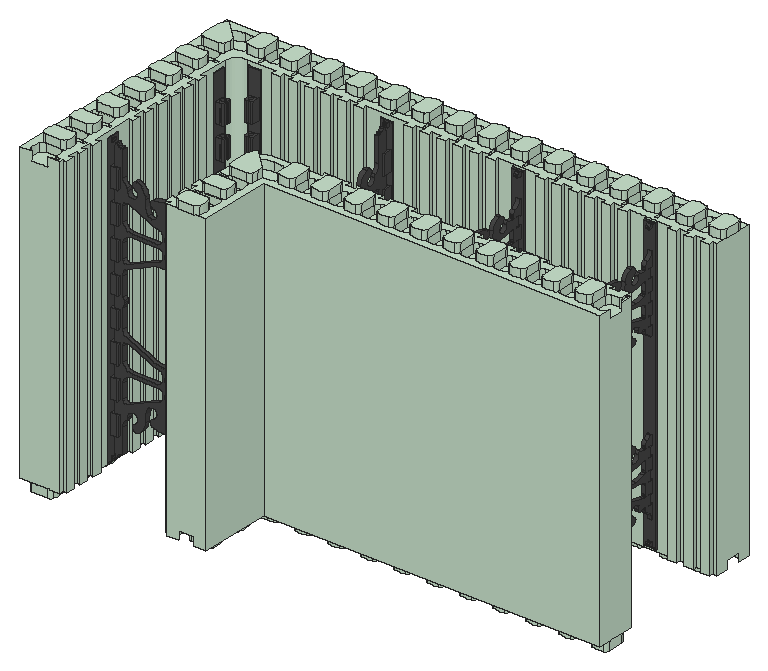
Revit family (continued)
Definition of nested family "6 inch Insert Web"
  Forms (mm)
    Extrusion 2, solid, material "Polypropylene- NUDURA"
      sketch origin (0, 0, 0) x (0, 1, 0) y (0, 0, 1)
        loop
          arc (81.534, 9.092) -> (81.375, 8.723) -> (80.998, 8.585) r 0.508
        loop
          arc (-79.386, 4.414) -> (-79.099, 4.694) -> (-78.994, 5.08) r 0.762
          line (-78.994, 5.08) -> (-78.994, 8.159)
          arc (-78.994, 8.159) -> (-79.153, 8.528) -> (-79.53, 8.666) r 0.508
          line (-79.53, 8.666) -> (-80.998, 8.585)
          arc (-80.998, 8.585) -> (-81.375, 8.723) -> (-81.534, 9.092) r 0.508
          line (-81.534, 9.092) -> (-81.534, 2.772)
          arc (-81.534, 2.772) -> (-81.429, 3.159) -> (-81.142, 3.439) r 0.762
          line (-81.142, 3.439) -> (-79.386, 4.414)
        loop
          line (76.2, 437.076) -> (74.295, 442.918)
          arc (74.295, 442.918) -> (73.025, 443.68) -> (71.755, 442.918) r 1.439
          line (71.755, 442.918) -> (70.513, 439.108) -> (67.283, 439.108)
          arc (67.283, 439.108) -> (66.404, 438.744) -> (66.04, 437.865) r 1.243
          line (66.04, 437.865) -> (66.04, 437.076) -> (63.5, 437.076) -> (63.5, 398.587)
          arc (63.5, 398.587) -> (61.744, 391.807) -> (56.918, 386.731) r 13.97
          arc (56.918, 386.731) -> (55.685, 385.301) -> (55.481, 383.425) r 3.175
          arc (55.481, 383.425) -> (44.176, 375.129) -> (45.002, 389.127) r 7.747
          arc (45.002, 389.127) -> (48.114, 396.391) -> (40.85, 399.503) r 5.588
          arc (40.85, 399.503) -> (31.859, 392.006) -> (28.999, 380.652) r 18.923
          arc (28.999, 380.652) -> (27.891, 370.113) -> (24.621, 360.032) r 50.8
          arc (24.621, 360.032) -> (11.944, 359.938) -> (16.15, 371.896) r 7.747
          arc (16.15, 371.896) -> (20.591, 377.594) -> (16.474, 383.531) r 6.096
          arc (16.474, 383.531) -> (8.351, 385.585) -> (0, 386.276) r 50.8
          arc (0, 386.276) -> (-8.351, 385.585) -> (-16.474, 383.531) r 50.8
          arc (-16.474, 383.531) -> (-20.591, 377.594) -> (-16.15, 371.896) r 6.096
          arc (-16.15, 371.896) -> (-11.944, 359.938) -> (-24.621, 360.032) r 7.747
          arc (-24.621, 360.032) -> (-27.891, 370.113) -> (-28.999, 380.652) r 50.8
          arc (-28.999, 380.652) -> (-31.859, 392.006) -> (-40.85, 399.503) r 18.923
          arc (-40.85, 399.503) -> (-48.114, 396.391) -> (-45.002, 389.127) r 5.588
          arc (-45.002, 389.127) -> (-44.176, 375.129) -> (-55.481, 383.425) r 7.747
          arc (-55.481, 383.425) -> (-55.685, 385.301) -> (-56.918, 386.731) r 3.175
          arc (-56.918, 386.731) -> (-61.744, 391.807) -> (-63.5, 398.587) r 13.97
          line (-63.5, 398.587) -> (-63.5, 437.076) -> (-66.04, 437.076) -> (-66.04, 437.865)
          arc (-66.04, 437.865) -> (-66.404, 438.744) -> (-67.283, 439.108) r 1.243
          line (-67.283, 439.108) -> (-70.513, 439.108) -> (-71.755, 442.918)
          arc (-71.755, 442.918) -> (-73.025, 443.68) -> (-74.295, 442.918) r 1.439
          line (-74.295, 442.918) -> (-76.2, 437.076) -> (-76.2, 16.896) -> (-74.295, 11.054)
          arc (-74.295, 11.054) -> (-73.025, 10.292) -> (-71.755, 11.054) r 1.439
          line (-71.755, 11.054) -> (-70.513, 14.864) -> (-67.283, 14.864)
          arc (-67.283, 14.864) -> (-66.404, 15.228) -> (-66.04, 16.107) r 1.243
          line (-66.04, 16.107) -> (-66.04, 16.896) -> (-63.5, 16.896) -> (-63.5, 55.385)
          arc (-63.5, 55.385) -> (-61.744, 62.165) -> (-56.918, 67.242) r 13.97
          arc (-56.918, 67.242) -> (-55.685, 68.671) -> (-55.481, 70.547) r 3.175
          arc (-55.481, 70.547) -> (-44.176, 78.843) -> (-45.002, 64.845) r 7.747
          arc (-45.002, 64.845) -> (-48.114, 57.581) -> (-40.85, 54.469) r 5.588
          arc (-40.85, 54.469) -> (-31.859, 61.967) -> (-28.999, 73.32) r 18.923
          arc (-28.999, 73.32) -> (-27.891, 83.859) -> (-24.621, 93.94) r 50.8
          arc (-24.621, 93.94) -> (-11.944, 94.034) -> (-16.15, 82.076) r 7.747
          arc (-16.15, 82.076) -> (-20.591, 76.378) -> (-16.474, 70.441) r 6.096
          arc (-16.474, 70.441) -> (-8.351, 68.387) -> (0, 67.696) r 50.8
          arc (0, 67.696) -> (8.351, 68.387) -> (16.474, 70.441) r 50.8
          arc (16.474, 70.441) -> (20.591, 76.378) -> (16.15, 82.076) r 6.096
          arc (16.15, 82.076) -> (11.944, 94.034) -> (24.621, 93.94) r 7.747
          arc (24.621, 93.94) -> (27.891, 83.859) -> (28.999, 73.32) r 50.8
          arc (28.999, 73.32) -> (31.859, 61.967) -> (40.85, 54.469) r 18.923
          arc (40.85, 54.469) -> (48.114, 57.581) -> (45.002, 64.845) r 5.588
          arc (45.002, 64.845) -> (44.176, 78.843) -> (55.481, 70.547) r 7.747
          arc (55.481, 70.547) -> (55.685, 68.671) -> (56.918, 67.242) r 3.175
          arc (56.918, 67.242) -> (61.744, 62.165) -> (63.5, 55.385) r 13.97
          line (63.5, 55.385) -> (63.5, 16.896) -> (66.04, 16.896) -> (66.04, 16.107)
          arc (66.04, 16.107) -> (66.404, 15.228) -> (67.283, 14.864) r 1.243
          line (67.283, 14.864) -> (70.513, 14.864) -> (71.755, 11.054)
          arc (71.755, 11.054) -> (73.025, 10.292) -> (74.295, 11.054) r 1.439
          line (74.295, 11.054) -> (76.2, 16.896) -> (76.2, 437.076)
        loop
          line (9.461, 325.824) -> (50.8, 325.824)
          arc (50.8, 325.824) -> (59.78, 329.544) -> (63.5, 338.524) r 12.7
          line (63.5, 338.524) -> (63.5, 360.069)
          arc (63.5, 360.069) -> (60.558, 365.427) -> (54.458, 365.821) r 6.35
          line (54.458, 365.821) -> (24.225, 351.671)
          arc (24.225, 351.671) -> (17.004, 348.871) -> (9.471, 347.073) r 57.15
          arc (9.471, 347.073) -> (3.777, 343.832) -> (1.524, 337.68) r 9.525
          line (1.524, 337.68) -> (1.524, 333.762)
          arc (1.524, 333.762) -> (3.849, 328.149) -> (9.461, 325.824) r 7.937
        loop
          arc (-1.524, 337.68) -> (-3.777, 343.832) -> (-9.471, 347.073) r 9.525
          arc (-9.471, 347.073) -> (-17.004, 348.871) -> (-24.225, 351.671) r 57.15
          line (-24.225, 351.671) -> (-54.458, 365.821)
          arc (-54.458, 365.821) -> (-60.558, 365.427) -> (-63.5, 360.069) r 6.35
          line (-63.5, 360.069) -> (-63.5, 338.524)
          arc (-63.5, 338.524) -> (-59.78, 329.544) -> (-50.8, 325.824) r 12.7
          line (-50.8, 325.824) -> (-9.462, 325.824)
          arc (-9.462, 325.824) -> (-3.849, 328.149) -> (-1.524, 333.762) r 7.938
          line (-1.524, 333.762) -> (-1.524, 337.68)
        loop
          line (-63.5, 308.552) -> (-63.5, 287.007)
          arc (-63.5, 287.007) -> (-60.558, 281.649) -> (-54.458, 281.256) r 6.35
          line (-54.458, 281.256) -> (-24.225, 295.405)
          arc (-24.225, 295.405) -> (-17.004, 298.205) -> (-9.471, 300.003) r 57.15
          arc (-9.471, 300.003) -> (-3.777, 303.244) -> (-1.524, 309.396) r 9.525
          line (-1.524, 309.396) -> (-1.524, 313.315)
          arc (-1.524, 313.315) -> (-3.849, 318.927) -> (-9.462, 321.252) r 7.938
          line (-9.462, 321.252) -> (-50.8, 321.252)
          arc (-50.8, 321.252) -> (-59.78, 317.532) -> (-63.5, 308.552) r 12.7
        loop
          line (1.524, 313.315) -> (1.524, 309.396)
          arc (1.524, 309.396) -> (3.777, 303.244) -> (9.471, 300.003) r 9.525
          arc (9.471, 300.003) -> (17.004, 298.205) -> (24.225, 295.405) r 57.15
          line (24.225, 295.405) -> (54.458, 281.256)
          arc (54.458, 281.256) -> (60.558, 281.649) -> (63.5, 287.007) r 6.35
          line (63.5, 287.007) -> (63.5, 308.552)
          arc (63.5, 308.552) -> (59.78, 317.532) -> (50.8, 321.252) r 12.7
          line (50.8, 321.252) -> (9.461, 321.252)
          arc (9.461, 321.252) -> (3.849, 318.927) -> (1.524, 313.315) r 7.937
        loop
          line (-63.5, 234.92) -> (-60.452, 229.84) -> (-60.452, 226.986) -> (-60.452, 224.132) -> (-63.5, 219.052) -> (-63.5, 190.074)
          arc (-63.5, 190.074) -> (-61.516, 183.258) -> (-56.183, 178.572) r 12.7
          line (-56.183, 178.572) -> (-24.225, 163.615)
          arc (-24.225, 163.615) -> (-12.408, 159.59) -> (0, 158.227) r 57.15
          arc (0, 158.227) -> (12.408, 159.59) -> (24.225, 163.615) r 57.15
          line (24.225, 163.615) -> (56.183, 178.572)
          arc (56.183, 178.572) -> (61.516, 183.258) -> (63.5, 190.074) r 12.7
          line (63.5, 190.074) -> (63.5, 219.052) -> (60.452, 224.132) -> (60.452, 226.986) -> (60.452, 229.84) -> (63.5, 234.92) -> (63.5, 263.898)
          arc (63.5, 263.898) -> (61.516, 270.714) -> (56.183, 275.4) r 12.7
          line (56.183, 275.4) -> (24.225, 290.357)
          arc (24.225, 290.357) -> (12.408, 294.382) -> (0, 295.745) r 57.15
          arc (0, 295.745) -> (-12.408, 294.382) -> (-24.225, 290.357) r 57.15
          line (-24.225, 290.357) -> (-56.183, 275.4)
          arc (-56.183, 275.4) -> (-61.516, 270.714) -> (-63.5, 263.898) r 12.7
          line (-63.5, 263.898) -> (-63.5, 234.92)
        loop
          line (-63.5, 166.965) -> (-63.5, 145.42)
          arc (-63.5, 145.42) -> (-59.78, 136.44) -> (-50.8, 132.72) r 12.7
          line (-50.8, 132.72) -> (-9.462, 132.72)
          arc (-9.462, 132.72) -> (-3.849, 135.045) -> (-1.524, 140.657) r 7.938
          line (-1.524, 140.657) -> (-1.524, 144.576)
          arc (-1.524, 144.576) -> (-3.777, 150.728) -> (-9.471, 153.969) r 9.525
          arc (-9.471, 153.969) -> (-17.004, 155.767) -> (-24.225, 158.567) r 57.15
          line (-24.225, 158.567) -> (-54.458, 172.716)
          arc (-54.458, 172.716) -> (-60.558, 172.323) -> (-63.5, 166.965) r 6.35
        loop
          line (9.461, 132.72) -> (50.8, 132.72)
          arc (50.8, 132.72) -> (59.78, 136.44) -> (63.5, 145.42) r 12.7
          line (63.5, 145.42) -> (63.5, 166.965)
          arc (63.5, 166.965) -> (60.558, 172.323) -> (54.458, 172.716) r 6.35
          line (54.458, 172.716) -> (24.225, 158.567)
          arc (24.225, 158.567) -> (17.004, 155.767) -> (9.471, 153.969) r 57.15
          arc (9.471, 153.969) -> (3.777, 150.728) -> (1.524, 144.576) r 9.525
          line (1.524, 144.576) -> (1.524, 140.657)
          arc (1.524, 140.657) -> (3.849, 135.045) -> (9.461, 132.72) r 7.937
        loop
          line (1.524, 120.21) -> (1.524, 116.292)
          arc (1.524, 116.292) -> (3.777, 110.14) -> (9.471, 106.899) r 9.525
          arc (9.471, 106.899) -> (17.004, 105.101) -> (24.225, 102.301) r 57.15
          line (24.225, 102.301) -> (54.458, 88.151)
          arc (54.458, 88.151) -> (60.558, 88.545) -> (63.5, 93.903) r 6.35
          line (63.5, 93.903) -> (63.5, 115.448)
          arc (63.5, 115.448) -> (59.78, 124.428) -> (50.8, 128.148) r 12.7
          line (50.8, 128.148) -> (9.461, 128.148)
          arc (9.461, 128.148) -> (3.849, 125.823) -> (1.524, 120.21) r 7.937
        loop
          line (-1.524, 116.292) -> (-1.524, 120.21)
          arc (-1.524, 120.21) -> (-3.849, 125.823) -> (-9.462, 128.148) r 7.938
          line (-9.462, 128.148) -> (-50.8, 128.148)
          arc (-50.8, 128.148) -> (-59.78, 124.428) -> (-63.5, 115.448) r 12.7
          line (-63.5, 115.448) -> (-63.5, 93.903)
          arc (-63.5, 93.903) -> (-60.558, 88.545) -> (-54.458, 88.151) r 6.35
          line (-54.458, 88.151) -> (-24.225, 102.301)
          arc (-24.225, 102.301) -> (-17.004, 105.101) -> (-9.471, 106.899) r 57.15
          arc (-9.471, 106.899) -> (-3.777, 110.14) -> (-1.524, 116.292) r 9.525
      from 3.175 to -3.175
    Extrusion 3, solid, material "High Density Polystyrene- NUDURA"
      sketch origin (0, 0, 0) x (0, 1, 0) y (0, 0, 1)
        loop
          line (81.534, 410.919) -> (68.834, 410.919) -> (68.834, 380.439) -> (81.534, 380.439) -> (81.534, 410.919)
        loop
          line (81.534, 361.389) -> (68.834, 361.389) -> (68.834, 330.909) -> (81.534, 330.909) -> (81.534, 361.389)
        loop
          line (81.534, 311.859) -> (68.834, 311.859) -> (68.834, 281.379) -> (81.534, 281.379) -> (81.534, 311.859)
        loop
          line (81.534, 262.329) -> (68.834, 262.329) -> (68.834, 234.897) -> (81.534, 234.897) -> (81.534, 262.329)
        loop
          line (81.534, 215.847) -> (68.834, 215.847) -> (68.834, 188.415) -> (81.534, 188.415) -> (81.534, 215.847)
        loop
          line (81.534, 169.365) -> (68.834, 169.365) -> (68.834, 138.885) -> (81.534, 138.885) -> (81.534, 169.365)
        loop
          line (81.534, 119.835) -> (68.834, 119.835) -> (68.834, 89.355) -> (81.534, 89.355) -> (81.534, 119.835)
        loop
          line (81.534, 70.305) -> (68.834, 70.305) -> (68.834, 39.825) -> (81.534, 39.825) -> (81.534, 70.305)
        loop
          line (-81.534, 410.919) -> (-81.534, 380.439) -> (-68.834, 380.439) -> (-68.834, 410.919) -> (-81.534, 410.919)
        loop
          line (-81.534, 361.389) -> (-81.534, 330.909) -> (-68.834, 330.909) -> (-68.834, 361.389) -> (-81.534, 361.389)
        loop
          line (-81.534, 311.859) -> (-81.534, 281.379) -> (-68.834, 281.379) -> (-68.834, 311.859) -> (-81.534, 311.859)
        loop
          line (-81.534, 262.329) -> (-81.534, 234.897) -> (-68.834, 234.897) -> (-68.834, 262.329) -> (-81.534, 262.329)
        loop
          line (-81.534, 215.847) -> (-81.534, 188.415) -> (-68.834, 188.415) -> (-68.834, 215.847) -> (-81.534, 215.847)
        loop
          line (-81.534, 169.365) -> (-81.534, 138.885) -> (-68.834, 138.885) -> (-68.834, 169.365) -> (-81.534, 169.365)
        loop
          line (-81.534, 119.835) -> (-81.534, 89.355) -> (-68.834, 89.355) -> (-68.834, 119.835) -> (-81.534, 119.835)
        loop
          line (-81.534, 70.305) -> (-81.534, 39.825) -> (-68.834, 39.825) -> (-68.834, 70.305) -> (-81.534, 70.305)
      from 6.35 to -6.35
    Extrusion 4, void
      sketch origin (0, 0, 0) x (1, 0, 0) y (0, 1, 0)
        loop
          line (-6.35, 70.929) -> (-6.35, 68.834) -> (-4.255, 68.834)
          arc (-4.255, 68.834) -> (-5.736, 69.448) -> (-6.35, 70.929) r 2.095
      from 0 to 457.2
    Extrusion 5, void
      sketch origin (0, 0, 0) x (-1, 0, 0) y (0, -1, 0)
        loop
          arc (-6.35, -70.929) -> (-5.736, -69.448) -> (-4.255, -68.834) r 2.095
          line (-4.255, -68.834) -> (-6.35, -68.834) -> (-6.35, -70.929)
      from 0 to 457.2
    Extrusion 6, void
      sketch origin (0, 0, 0) x (1, 0, 0) y (0, 1, 0)
        loop
          arc (-6.35, -70.929) -> (-5.736, -69.448) -> (-4.255, -68.834) r 2.095
          line (-4.255, -68.834) -> (-6.35, -68.834) -> (-6.35, -70.929)
      from 0 to 457.2
    Extrusion 7, void
      sketch origin (0, 0, 0) x (-1, 0, 0) y (0, -1, 0)
        loop
          line (-6.35, 70.929) -> (-6.35, 68.834) -> (-4.255, 68.834)
          arc (-4.255, 68.834) -> (-5.736, 69.448) -> (-6.35, 70.929) r 2.095
      from 0 to 457.2
  Cuts and joins
    Extrusion 4, Extrusion 5, Extrusion 6, Extrusion 7 cuts Extrusion 1
    Extrusion 4, Extrusion 5, Extrusion 6, Extrusion 7 cuts Extrusion 3
Definition of nested family "Capture Lug"
  Reference planes
    plane 1 "Center (Front/Back)": y = 0
    plane 2: z = 0
    plane 3 "Center (Left/Right)": x = 0
  Forms (mm)
    Extrusion 1, solid, material "High Density Polystyrene- NUDURA"
      sketch origin (0, 0, 0) x (0, 1, 0) y (0, 0, 1)
        loop
          arc (-82.55, 0) -> (-81.817, 0.502) -> (-81.534, 1.344) r 1.397
          line (-81.534, 1.344) -> (-81.534, 449.4)
          arc (-81.534, 449.4) -> (-81.817, 450.243) -> (-82.55, 450.744) r 1.397
          line (-82.55, 450.744) -> (-82.55, 0)
      from 9.227 to -9.227
    Extrusion 2, solid, material "High Density Polystyrene- NUDURA"
      sketch origin (0, 0, 0) x (0, 1, 0) y (0, 0, 1)
        loop
          line (-81.534, 410.919) -> (-81.534, 380.439) -> (-68.834, 380.439) -> (-68.834, 410.919) -> (-81.534, 410.919)
        loop
          line (-81.534, 361.389) -> (-81.534, 330.909) -> (-68.834, 330.909) -> (-68.834, 361.389) -> (-81.534, 361.389)
        loop
          line (-81.534, 311.859) -> (-81.534, 281.379) -> (-68.834, 281.379) -> (-68.834, 311.859) -> (-81.534, 311.859)
        loop
          line (-81.534, 262.329) -> (-81.534, 234.897) -> (-68.834, 234.897) -> (-68.834, 262.329) -> (-81.534, 262.329)
        loop
          line (-81.534, 215.847) -> (-81.534, 188.415) -> (-68.834, 188.415) -> (-68.834, 215.847) -> (-81.534, 215.847)
        loop
          line (-81.534, 169.365) -> (-81.534, 138.885) -> (-68.834, 138.885) -> (-68.834, 169.365) -> (-81.534, 169.365)
        loop
          line (-81.534, 119.835) -> (-81.534, 89.355) -> (-68.834, 89.355) -> (-68.834, 119.835) -> (-81.534, 119.835)
        loop
          line (-81.534, 70.305) -> (-81.534, 39.825) -> (-68.834, 39.825) -> (-68.834, 70.305) -> (-81.534, 70.305)
      from 6.35 to -6.35
    Extrusion 3, void
      sketch origin (0, 0, 0) x (1, 0, 0) y (0, 1, 0)
        loop
          arc (-6.35, -70.929) -> (-5.736, -69.448) -> (-4.255, -68.834) r 2.095
          line (-4.255, -68.834) -> (-6.35, -68.834) -> (-6.35, -70.929)
      from 0 to 457.2
    Extrusion 4, void
      sketch origin (0, 0, 0) x (-1, 0, 0) y (0, -1, 0)
        loop
          line (-6.35, 70.929) -> (-6.35, 68.834) -> (-4.255, 68.834)
          arc (-4.255, 68.834) -> (-5.736, 69.448) -> (-6.35, 70.929) r 2.095
      from 0 to 457.2
    Extrusion 5, void
      sketch origin (0, 0, 0) x (1, 0, 0) y (0, 1, 0)
        loop
          arc (-1.191, -72.009) -> (0, -78.127) -> (1.191, -72.009) r 3.175
          line (1.191, -72.009) -> (1.191, -68.834) -> (-1.191, -68.834) -> (-1.191, -72.009)
      from 0 to 457.2
  Cuts and joins
    Extrusion 3, Extrusion 4 cuts Extrusion 1
    Extrusion 3, Extrusion 4, Extrusion 5 cuts Extrusion 2
Definition of nested family "NUDURA Diamond Pattern"
  Reference planes
    plane 1 "Center (Front/Back)": y = 0
    plane 2: z = 0
    plane 3 "Center (Left/Right)": x = 0
    plane 4: z = 457.2
  Lines and regions (mm)
    model lines
      curve 1: line (203.2, -142.875, 457.2) -> (203.2, -142.875, 0)
      curve 2: line (152.4, -142.875, 457.2) -> (152.4, -142.875, 0)
      curve 3: line (50.8, -142.875, 457.2) -> (50.8, -142.875, 0)
      curve 4: line (85.183, -142.875, 431.415) -> (93.906, -142.875, 422.692)
      curve 5: arc (85.183, -142.875, 444.885) -> (82.394, -142.875, 438.15) -> (85.183, -142.875, 431.415) r 9.525
      curve 6: line (94.708, -142.875, 454.41) -> (85.183, -142.875, 444.885)
      curve 7: arc (108.179, -142.875, 454.41) -> (101.444, -142.875, 457.2) -> (94.708, -142.875, 454.41) r 9.525
      curve 8: line (117.704, -142.875, 444.885) -> (108.179, -142.875, 454.41)
      curve 9: arc (117.704, -142.875, 431.415) -> (120.494, -142.875, 438.15) -> (117.704, -142.875, 444.885) r 9.525
      curve 10: line (108.981, -142.875, 422.692) -> (117.704, -142.875, 431.415)
      curve 11: arc (105.934, -142.875, 452.165) -> (101.444, -142.875, 454.025) -> (96.953, -142.875, 452.165) r 6.35
      curve 12: line (115.459, -142.875, 442.64) -> (105.934, -142.875, 452.165)
      curve 13: arc (115.459, -142.875, 433.66) -> (117.319, -142.875, 438.15) -> (115.459, -142.875, 442.64) r 6.35
      curve 14: line (105.934, -142.875, 424.135) -> (115.459, -142.875, 433.66)
      curve 15: arc (96.953, -142.875, 424.135) -> (101.444, -142.875, 422.275) -> (105.934, -142.875, 424.135) r 6.35
      curve 16: line (87.428, -142.875, 433.66) -> (96.953, -142.875, 424.135)
      curve 17: arc (87.428, -142.875, 442.64) -> (85.569, -142.875, 438.15) -> (87.428, -142.875, 433.66) r 6.35
      curve 18: line (96.953, -142.875, 452.165) -> (87.428, -142.875, 442.64)
      curve 19: arc (93.906, -142.875, 415.508) -> (95.394, -142.875, 419.1) -> (93.906, -142.875, 422.692) r 5.08
      curve 20: line (117.704, -142.875, 406.785) -> (108.981, -142.875, 415.508)
      curve 21: arc (117.704, -142.875, 393.315) -> (120.494, -142.875, 400.05) -> (117.704, -142.875, 406.785) r 9.525
      curve 22: line (108.981, -142.875, 384.592) -> (117.704, -142.875, 393.315)
      curve 23: line (85.183, -142.875, 393.315) -> (93.906, -142.875, 384.592)
      curve 24: arc (85.183, -142.875, 406.785) -> (82.394, -142.875, 400.05) -> (85.183, -142.875, 393.315) r 9.525
      curve 25: line (93.906, -142.875, 415.508) -> (85.183, -142.875, 406.785)
      curve 26: arc (105.934, -142.875, 414.065) -> (101.444, -142.875, 415.925) -> (96.953, -142.875, 414.065) r 6.35
      curve 27: line (96.953, -142.875, 414.065) -> (87.428, -142.875, 404.54)
      curve 28: arc (87.428, -142.875, 404.54) -> (85.569, -142.875, 400.05) -> (87.428, -142.875, 395.56) r 6.35
      curve 29: line (87.428, -142.875, 395.56) -> (96.953, -142.875, 386.035)
      curve 30: arc (96.953, -142.875, 386.035) -> (101.444, -142.875, 384.175) -> (105.934, -142.875, 386.035) r 6.35
      curve 31: line (105.934, -142.875, 386.035) -> (115.459, -142.875, 395.56)
      curve 32: arc (115.459, -142.875, 395.56) -> (117.319, -142.875, 400.05) -> (115.459, -142.875, 404.54) r 6.35
      curve 33: line (115.459, -142.875, 404.54) -> (105.934, -142.875, 414.065)
      curve 34: arc (93.906, -142.875, 377.408) -> (95.394, -142.875, 381) -> (93.906, -142.875, 384.592) r 5.08
      curve 35: line (117.704, -142.875, 368.685) -> (108.981, -142.875, 377.408)
      curve 36: arc (117.704, -142.875, 355.215) -> (120.494, -142.875, 361.95) -> (117.704, -142.875, 368.685) r 9.525
      curve 37: line (108.981, -142.875, 346.492) -> (117.704, -142.875, 355.215)
      curve 38: line (85.183, -142.875, 355.215) -> (93.906, -142.875, 346.492)
      curve 39: arc (85.183, -142.875, 368.685) -> (82.394, -142.875, 361.95) -> (85.183, -142.875, 355.215) r 9.525
      curve 40: line (93.906, -142.875, 377.408) -> (85.183, -142.875, 368.685)
      curve 41: arc (105.934, -142.875, 375.965) -> (101.444, -142.875, 377.825) -> (96.953, -142.875, 375.965) r 6.35
      curve 42: line (96.953, -142.875, 375.965) -> (87.428, -142.875, 366.44)
      curve 43: arc (87.428, -142.875, 366.44) -> (85.569, -142.875, 361.95) -> (87.428, -142.875, 357.46) r 6.35
      curve 44: line (87.428, -142.875, 357.46) -> (96.953, -142.875, 347.935)
      curve 45: arc (96.953, -142.875, 347.935) -> (101.444, -142.875, 346.075) -> (105.934, -142.875, 347.935) r 6.35
      curve 46: line (105.934, -142.875, 347.935) -> (115.459, -142.875, 357.46)
      curve 47: arc (115.459, -142.875, 357.46) -> (117.319, -142.875, 361.95) -> (115.459, -142.875, 366.44) r 6.35
      curve 48: line (115.459, -142.875, 366.44) -> (105.934, -142.875, 375.965)
      curve 49: arc (93.906, -142.875, 339.308) -> (95.394, -142.875, 342.9) -> (93.906, -142.875, 346.492) r 5.08
      curve 50: line (117.704, -142.875, 330.585) -> (108.981, -142.875, 339.308)
      curve 51: arc (117.704, -142.875, 317.115) -> (120.494, -142.875, 323.85) -> (117.704, -142.875, 330.585) r 9.525
      curve 52: line (108.981, -142.875, 308.392) -> (117.704, -142.875, 317.115)
      curve 53: line (85.183, -142.875, 317.115) -> (93.906, -142.875, 308.392)
      curve 54: arc (85.183, -142.875, 330.585) -> (82.394, -142.875, 323.85) -> (85.183, -142.875, 317.115) r 9.525
      curve 55: line (93.906, -142.875, 339.308) -> (85.183, -142.875, 330.585)
      curve 56: arc (105.934, -142.875, 337.865) -> (101.444, -142.875, 339.725) -> (96.953, -142.875, 337.865) r 6.35
      curve 57: line (96.953, -142.875, 337.865) -> (87.428, -142.875, 328.34)
      curve 58: arc (87.428, -142.875, 328.34) -> (85.569, -142.875, 323.85) -> (87.428, -142.875, 319.36) r 6.35
      curve 59: line (87.428, -142.875, 319.36) -> (96.953, -142.875, 309.835)
      curve 60: arc (96.953, -142.875, 309.835) -> (101.444, -142.875, 307.975) -> (105.934, -142.875, 309.835) r 6.35
      curve 61: line (105.934, -142.875, 309.835) -> (115.459, -142.875, 319.36)
      curve 62: arc (115.459, -142.875, 319.36) -> (117.319, -142.875, 323.85) -> (115.459, -142.875, 328.34) r 6.35
      curve 63: line (115.459, -142.875, 328.34) -> (105.934, -142.875, 337.865)
      curve 64: arc (93.906, -142.875, 301.208) -> (95.394, -142.875, 304.8) -> (93.906, -142.875, 308.392) r 5.08
      curve 65: line (117.704, -142.875, 292.485) -> (108.981, -142.875, 301.208)
      curve 66: arc (117.704, -142.875, 279.015) -> (120.494, -142.875, 285.75) -> (117.704, -142.875, 292.485) r 9.525
      curve 67: line (108.981, -142.875, 270.292) -> (117.704, -142.875, 279.015)
      curve 68: line (85.183, -142.875, 279.015) -> (93.906, -142.875, 270.292)
      curve 69: arc (85.183, -142.875, 292.485) -> (82.394, -142.875, 285.75) -> (85.183, -142.875, 279.015) r 9.525
      curve 70: line (93.906, -142.875, 301.208) -> (85.183, -142.875, 292.485)
      curve 71: arc (105.934, -142.875, 299.765) -> (101.444, -142.875, 301.625) -> (96.953, -142.875, 299.765) r 6.35
      curve 72: line (96.953, -142.875, 299.765) -> (87.428, -142.875, 290.24)
      curve 73: arc (87.428, -142.875, 290.24) -> (85.569, -142.875, 285.75) -> (87.428, -142.875, 281.26) r 6.35
      curve 74: line (87.428, -142.875, 281.26) -> (96.953, -142.875, 271.735)
      curve 75: arc (96.953, -142.875, 271.735) -> (101.444, -142.875, 269.875) -> (105.934, -142.875, 271.735) r 6.35
      curve 76: line (105.934, -142.875, 271.735) -> (115.459, -142.875, 281.26)
      curve 77: arc (115.459, -142.875, 281.26) -> (117.319, -142.875, 285.75) -> (115.459, -142.875, 290.24) r 6.35
      curve 78: line (115.459, -142.875, 290.24) -> (105.934, -142.875, 299.765)
      curve 79: arc (93.906, -142.875, 263.108) -> (95.394, -142.875, 266.7) -> (93.906, -142.875, 270.292) r 5.08
      curve 80: line (117.704, -142.875, 254.385) -> (108.981, -142.875, 263.108)
      curve 81: arc (117.704, -142.875, 240.915) -> (120.494, -142.875, 247.65) -> (117.704, -142.875, 254.385) r 9.525
      curve 82: line (108.981, -142.875, 232.192) -> (117.704, -142.875, 240.915)
      curve 83: line (85.183, -142.875, 240.915) -> (93.906, -142.875, 232.192)
      curve 84: arc (85.183, -142.875, 254.385) -> (82.394, -142.875, 247.65) -> (85.183, -142.875, 240.915) r 9.525
      curve 85: line (93.906, -142.875, 263.108) -> (85.183, -142.875, 254.385)
      curve 86: arc (105.934, -142.875, 261.665) -> (101.444, -142.875, 263.525) -> (96.953, -142.875, 261.665) r 6.35
      curve 87: line (96.953, -142.875, 261.665) -> (87.428, -142.875, 252.14)
      curve 88: arc (87.428, -142.875, 252.14) -> (85.569, -142.875, 247.65) -> (87.428, -142.875, 243.16) r 6.35
      curve 89: line (87.428, -142.875, 243.16) -> (96.953, -142.875, 233.635)
      curve 90: arc (96.953, -142.875, 233.635) -> (101.444, -142.875, 231.775) -> (105.934, -142.875, 233.635) r 6.35
      curve 91: line (105.934, -142.875, 233.635) -> (115.459, -142.875, 243.16)
      curve 92: arc (115.459, -142.875, 243.16) -> (117.319, -142.875, 247.65) -> (115.459, -142.875, 252.14) r 6.35
      curve 93: line (115.459, -142.875, 252.14) -> (105.934, -142.875, 261.665)
      curve 94: arc (93.906, -142.875, 225.008) -> (95.394, -142.875, 228.6) -> (93.906, -142.875, 232.192) r 5.08
      curve 95: line (117.704, -142.875, 216.285) -> (108.981, -142.875, 225.008)
      curve 96: arc (117.704, -142.875, 202.815) -> (120.494, -142.875, 209.55) -> (117.704, -142.875, 216.285) r 9.525
      curve 97: line (108.981, -142.875, 194.092) -> (117.704, -142.875, 202.815)
      curve 98: line (85.183, -142.875, 202.815) -> (93.906, -142.875, 194.092)
      curve 99: arc (85.183, -142.875, 216.285) -> (82.394, -142.875, 209.55) -> (85.183, -142.875, 202.815) r 9.525
      curve 100: line (93.906, -142.875, 225.008) -> (85.183, -142.875, 216.285)
      curve 101: arc (105.934, -142.875, 223.565) -> (101.444, -142.875, 225.425) -> (96.953, -142.875, 223.565) r 6.35
      curve 102: line (96.953, -142.875, 223.565) -> (87.428, -142.875, 214.04)
      curve 103: arc (87.428, -142.875, 214.04) -> (85.569, -142.875, 209.55) -> (87.428, -142.875, 205.06) r 6.35
      curve 104: line (87.428, -142.875, 205.06) -> (96.953, -142.875, 195.535)
      curve 105: arc (96.953, -142.875, 195.535) -> (101.444, -142.875, 193.675) -> (105.934, -142.875, 195.535) r 6.35
      curve 106: line (105.934, -142.875, 195.535) -> (115.459, -142.875, 205.06)
      curve 107: arc (115.459, -142.875, 205.06) -> (117.319, -142.875, 209.55) -> (115.459, -142.875, 214.04) r 6.35
      curve 108: line (115.459, -142.875, 214.04) -> (105.934, -142.875, 223.565)
      curve 109: arc (93.906, -142.875, 186.908) -> (95.394, -142.875, 190.5) -> (93.906, -142.875, 194.092) r 5.08
      curve 110: line (117.704, -142.875, 178.185) -> (108.981, -142.875, 186.908)
      curve 111: arc (117.704, -142.875, 164.715) -> (120.494, -142.875, 171.45) -> (117.704, -142.875, 178.185) r 9.525
      curve 112: line (108.981, -142.875, 155.992) -> (117.704, -142.875, 164.715)
      curve 113: line (85.183, -142.875, 164.715) -> (93.906, -142.875, 155.992)
      curve 114: arc (85.183, -142.875, 178.185) -> (82.394, -142.875, 171.45) -> (85.183, -142.875, 164.715) r 9.525
      curve 115: line (93.906, -142.875, 186.908) -> (85.183, -142.875, 178.185)
      curve 116: arc (105.934, -142.875, 185.465) -> (101.444, -142.875, 187.325) -> (96.953, -142.875, 185.465) r 6.35
      curve 117: line (96.953, -142.875, 185.465) -> (87.428, -142.875, 175.94)
      curve 118: arc (87.428, -142.875, 175.94) -> (85.569, -142.875, 171.45) -> (87.428, -142.875, 166.96) r 6.35
      curve 119: line (87.428, -142.875, 166.96) -> (96.953, -142.875, 157.435)
      curve 120: arc (96.953, -142.875, 157.435) -> (101.444, -142.875, 155.575) -> (105.934, -142.875, 157.435) r 6.35
      curve 121: line (105.934, -142.875, 157.435) -> (115.459, -142.875, 166.96)
      curve 122: arc (115.459, -142.875, 166.96) -> (117.319, -142.875, 171.45) -> (115.459, -142.875, 175.94) r 6.35
      curve 123: line (115.459, -142.875, 175.94) -> (105.934, -142.875, 185.465)
      curve 124: arc (93.906, -142.875, 148.808) -> (95.394, -142.875, 152.4) -> (93.906, -142.875, 155.992) r 5.08
      curve 125: line (117.704, -142.875, 140.085) -> (108.981, -142.875, 148.808)
      curve 126: arc (117.704, -142.875, 126.615) -> (120.494, -142.875, 133.35) -> (117.704, -142.875, 140.085) r 9.525
      curve 127: line (108.981, -142.875, 117.892) -> (117.704, -142.875, 126.615)
      curve 128: line (85.183, -142.875, 126.615) -> (93.906, -142.875, 117.892)
      curve 129: arc (85.183, -142.875, 140.085) -> (82.394, -142.875, 133.35) -> (85.183, -142.875, 126.615) r 9.525
      curve 130: line (93.906, -142.875, 148.808) -> (85.183, -142.875, 140.085)
      curve 131: arc (105.934, -142.875, 147.365) -> (101.444, -142.875, 149.225) -> (96.953, -142.875, 147.365) r 6.35
      curve 132: line (96.953, -142.875, 147.365) -> (87.428, -142.875, 137.84)
      curve 133: arc (87.428, -142.875, 137.84) -> (85.569, -142.875, 133.35) -> (87.428, -142.875, 128.86) r 6.35
      curve 134: line (87.428, -142.875, 128.86) -> (96.953, -142.875, 119.335)
      curve 135: arc (96.953, -142.875, 119.335) -> (101.444, -142.875, 117.475) -> (105.934, -142.875, 119.335) r 6.35
      curve 136: line (105.934, -142.875, 119.335) -> (115.459, -142.875, 128.86)
      curve 137: arc (115.459, -142.875, 128.86) -> (117.319, -142.875, 133.35) -> (115.459, -142.875, 137.84) r 6.35
      curve 138: line (115.459, -142.875, 137.84) -> (105.934, -142.875, 147.365)
      curve 139: arc (93.906, -142.875, 110.708) -> (95.394, -142.875, 114.3) -> (93.906, -142.875, 117.892) r 5.08
      curve 140: line (117.704, -142.875, 101.985) -> (108.981, -142.875, 110.708)
      curve 141: arc (117.704, -142.875, 88.515) -> (120.494, -142.875, 95.25) -> (117.704, -142.875, 101.985) r 9.525
      curve 142: line (108.981, -142.875, 79.792) -> (117.704, -142.875, 88.515)
      curve 143: line (85.183, -142.875, 88.515) -> (93.906, -142.875, 79.792)
      curve 144: arc (85.183, -142.875, 101.985) -> (82.394, -142.875, 95.25) -> (85.183, -142.875, 88.515) r 9.525
      curve 145: line (93.906, -142.875, 110.708) -> (85.183, -142.875, 101.985)
      curve 146: arc (105.934, -142.875, 109.265) -> (101.444, -142.875, 111.125) -> (96.953, -142.875, 109.265) r 6.35
      curve 147: line (96.953, -142.875, 109.265) -> (87.428, -142.875, 99.74)
      curve 148: arc (87.428, -142.875, 99.74) -> (85.569, -142.875, 95.25) -> (87.428, -142.875, 90.76) r 6.35
      curve 149: line (87.428, -142.875, 90.76) -> (96.953, -142.875, 81.235)
      curve 150: arc (96.953, -142.875, 81.235) -> (101.444, -142.875, 79.375) -> (105.934, -142.875, 81.235) r 6.35
      curve 151: line (105.934, -142.875, 81.235) -> (115.459, -142.875, 90.76)
      curve 152: arc (115.459, -142.875, 90.76) -> (117.319, -142.875, 95.25) -> (115.459, -142.875, 99.74) r 6.35
      curve 153: line (115.459, -142.875, 99.74) -> (105.934, -142.875, 109.265)
      curve 154: arc (93.906, -142.875, 72.608) -> (95.394, -142.875, 76.2) -> (93.906, -142.875, 79.792) r 5.08
      curve 155: line (117.704, -142.875, 63.885) -> (108.981, -142.875, 72.608)
      curve 156: arc (117.704, -142.875, 50.415) -> (120.494, -142.875, 57.15) -> (117.704, -142.875, 63.885) r 9.525
      curve 157: line (108.981, -142.875, 41.692) -> (117.704, -142.875, 50.415)
      curve 158: line (85.183, -142.875, 50.415) -> (93.906, -142.875, 41.692)
      curve 159: arc (85.183, -142.875, 63.885) -> (82.394, -142.875, 57.15) -> (85.183, -142.875, 50.415) r 9.525
      curve 160: line (93.906, -142.875, 72.608) -> (85.183, -142.875, 63.885)
      curve 161: arc (105.934, -142.875, 71.165) -> (101.444, -142.875, 73.025) -> (96.953, -142.875, 71.165) r 6.35
      curve 162: line (96.953, -142.875, 71.165) -> (87.428, -142.875, 61.64)
      curve 163: arc (87.428, -142.875, 61.64) -> (85.569, -142.875, 57.15) -> (87.428, -142.875, 52.66) r 6.35
      curve 164: line (87.428, -142.875, 52.66) -> (96.953, -142.875, 43.135)
      curve 165: arc (96.953, -142.875, 43.135) -> (101.444, -142.875, 41.275) -> (105.934, -142.875, 43.135) r 6.35
      curve 166: line (105.934, -142.875, 43.135) -> (115.459, -142.875, 52.66)
      curve 167: arc (115.459, -142.875, 52.66) -> (117.319, -142.875, 57.15) -> (115.459, -142.875, 61.64) r 6.35
      curve 168: line (115.459, -142.875, 61.64) -> (105.934, -142.875, 71.165)
      curve 169: arc (93.906, -142.875, 34.508) -> (95.394, -142.875, 38.1) -> (93.906, -142.875, 41.692) r 5.08
      curve 170: line (93.906, -142.875, 34.508) -> (85.183, -142.875, 25.785)
      curve 171: arc (85.183, -142.875, 25.785) -> (82.394, -142.875, 19.05) -> (85.183, -142.875, 12.315) r 9.525
      curve 172: line (85.183, -142.875, 12.315) -> (94.708, -142.875, 2.79)
      curve 173: arc (94.708, -142.875, 2.79) -> (101.444, -142.875, 0) -> (108.179, -142.875, 2.79) r 9.525
      curve 174: line (108.179, -142.875, 2.79) -> (117.704, -142.875, 12.315)
      curve 175: arc (117.704, -142.875, 12.315) -> (120.494, -142.875, 19.05) -> (117.704, -142.875, 25.785) r 9.525
      curve 176: line (117.704, -142.875, 25.785) -> (108.981, -142.875, 34.508)
      curve 177: arc (108.981, -142.875, 41.692) -> (107.493, -142.875, 38.1) -> (108.981, -142.875, 34.508) r 5.08
      curve 178: arc (105.934, -142.875, 33.065) -> (101.444, -142.875, 34.925) -> (96.953, -142.875, 33.065) r 6.35
      curve 179: line (115.459, -142.875, 23.54) -> (105.934, -142.875, 33.065)
      curve 180: arc (115.459, -142.875, 14.56) -> (117.319, -142.875, 19.05) -> (115.459, -142.875, 23.54) r 6.35
      curve 181: line (105.934, -142.875, 5.035) -> (115.459, -142.875, 14.56)
      curve 182: arc (96.953, -142.875, 5.035) -> (101.444, -142.875, 3.175) -> (105.934, -142.875, 5.035) r 6.35
      curve 183: line (87.428, -142.875, 14.56) -> (96.953, -142.875, 5.035)
      curve 184: arc (87.428, -142.875, 23.54) -> (85.569, -142.875, 19.05) -> (87.428, -142.875, 14.56) r 6.35
      curve 185: line (96.953, -142.875, 33.065) -> (87.428, -142.875, 23.54)
      curve 186: arc (108.981, -142.875, 79.792) -> (107.493, -142.875, 76.2) -> (108.981, -142.875, 72.608) r 5.08
      curve 187: arc (108.981, -142.875, 117.892) -> (107.493, -142.875, 114.3) -> (108.981, -142.875, 110.708) r 5.08
      curve 188: arc (108.981, -142.875, 155.992) -> (107.493, -142.875, 152.4) -> (108.981, -142.875, 148.808) r 5.08
      curve 189: arc (108.981, -142.875, 194.092) -> (107.493, -142.875, 190.5) -> (108.981, -142.875, 186.908) r 5.08
      curve 190: arc (108.981, -142.875, 232.192) -> (107.493, -142.875, 228.6) -> (108.981, -142.875, 225.008) r 5.08
      curve 191: arc (108.981, -142.875, 270.292) -> (107.493, -142.875, 266.7) -> (108.981, -142.875, 263.108) r 5.08
      curve 192: arc (108.981, -142.875, 308.392) -> (107.493, -142.875, 304.8) -> (108.981, -142.875, 301.208) r 5.08
      curve 193: arc (108.981, -142.875, 346.492) -> (107.493, -142.875, 342.9) -> (108.981, -142.875, 339.308) r 5.08
      curve 194: arc (108.981, -142.875, 384.592) -> (107.493, -142.875, 381) -> (108.981, -142.875, 377.408) r 5.08
      curve 195: arc (108.981, -142.875, 422.692) -> (107.493, -142.875, 419.1) -> (108.981, -142.875, 415.508) r 5.08
Definition of nested family "NUDURA Diamond Pattern Missing One Line"
  Reference planes
    plane 1 "Center (Front/Back)": y = 0
    plane 2: z = 0
    plane 3 "Center (Left/Right)": x = 0
    plane 4: z = 457.2
  Lines and regions (mm)
    model lines
      curve 1: line (152.4, -142.875, 457.2) -> (152.4, -142.875, 0)
      curve 2: line (50.8, -142.875, 457.2) -> (50.8, -142.875, 0)
      curve 3: line (85.183, -142.875, 431.415) -> (93.906, -142.875, 422.692)
      curve 4: arc (85.183, -142.875, 444.885) -> (82.394, -142.875, 438.15) -> (85.183, -142.875, 431.415) r 9.525
      curve 5: line (94.708, -142.875, 454.41) -> (85.183, -142.875, 444.885)
      curve 6: arc (108.179, -142.875, 454.41) -> (101.444, -142.875, 457.2) -> (94.708, -142.875, 454.41) r 9.525
      curve 7: line (117.704, -142.875, 444.885) -> (108.179, -142.875, 454.41)
      curve 8: arc (117.704, -142.875, 431.415) -> (120.494, -142.875, 438.15) -> (117.704, -142.875, 444.885) r 9.525
      curve 9: line (108.981, -142.875, 422.692) -> (117.704, -142.875, 431.415)
      curve 10: arc (105.934, -142.875, 452.165) -> (101.444, -142.875, 454.025) -> (96.953, -142.875, 452.165) r 6.35
      curve 11: line (115.459, -142.875, 442.64) -> (105.934, -142.875, 452.165)
      curve 12: arc (115.459, -142.875, 433.66) -> (117.319, -142.875, 438.15) -> (115.459, -142.875, 442.64) r 6.35
      curve 13: line (105.934, -142.875, 424.135) -> (115.459, -142.875, 433.66)
      curve 14: arc (96.953, -142.875, 424.135) -> (101.444, -142.875, 422.275) -> (105.934, -142.875, 424.135) r 6.35
      curve 15: line (87.428, -142.875, 433.66) -> (96.953, -142.875, 424.135)
      curve 16: arc (87.428, -142.875, 442.64) -> (85.569, -142.875, 438.15) -> (87.428, -142.875, 433.66) r 6.35
      curve 17: line (96.953, -142.875, 452.165) -> (87.428, -142.875, 442.64)
      curve 18: arc (93.906, -142.875, 415.508) -> (95.394, -142.875, 419.1) -> (93.906, -142.875, 422.692) r 5.08
      curve 19: line (117.704, -142.875, 406.785) -> (108.981, -142.875, 415.508)
      curve 20: arc (117.704, -142.875, 393.315) -> (120.494, -142.875, 400.05) -> (117.704, -142.875, 406.785) r 9.525
      curve 21: line (108.981, -142.875, 384.592) -> (117.704, -142.875, 393.315)
      curve 22: line (85.183, -142.875, 393.315) -> (93.906, -142.875, 384.592)
      curve 23: arc (85.183, -142.875, 406.785) -> (82.394, -142.875, 400.05) -> (85.183, -142.875, 393.315) r 9.525
      curve 24: line (93.906, -142.875, 415.508) -> (85.183, -142.875, 406.785)
      curve 25: arc (105.934, -142.875, 414.065) -> (101.444, -142.875, 415.925) -> (96.953, -142.875, 414.065) r 6.35
      curve 26: line (96.953, -142.875, 414.065) -> (87.428, -142.875, 404.54)
      curve 27: arc (87.428, -142.875, 404.54) -> (85.569, -142.875, 400.05) -> (87.428, -142.875, 395.56) r 6.35
      curve 28: line (87.428, -142.875, 395.56) -> (96.953, -142.875, 386.035)
      curve 29: arc (96.953, -142.875, 386.035) -> (101.444, -142.875, 384.175) -> (105.934, -142.875, 386.035) r 6.35
      curve 30: line (105.934, -142.875, 386.035) -> (115.459, -142.875, 395.56)
      curve 31: arc (115.459, -142.875, 395.56) -> (117.319, -142.875, 400.05) -> (115.459, -142.875, 404.54) r 6.35
      curve 32: line (115.459, -142.875, 404.54) -> (105.934, -142.875, 414.065)
      curve 33: arc (93.906, -142.875, 377.408) -> (95.394, -142.875, 381) -> (93.906, -142.875, 384.592) r 5.08
      curve 34: line (117.704, -142.875, 368.685) -> (108.981, -142.875, 377.408)
      curve 35: arc (117.704, -142.875, 355.215) -> (120.494, -142.875, 361.95) -> (117.704, -142.875, 368.685) r 9.525
      curve 36: line (108.981, -142.875, 346.492) -> (117.704, -142.875, 355.215)
      curve 37: line (85.183, -142.875, 355.215) -> (93.906, -142.875, 346.492)
      curve 38: arc (85.183, -142.875, 368.685) -> (82.394, -142.875, 361.95) -> (85.183, -142.875, 355.215) r 9.525
      curve 39: line (93.906, -142.875, 377.408) -> (85.183, -142.875, 368.685)
      curve 40: arc (105.934, -142.875, 375.965) -> (101.444, -142.875, 377.825) -> (96.953, -142.875, 375.965) r 6.35
      curve 41: line (96.953, -142.875, 375.965) -> (87.428, -142.875, 366.44)
      curve 42: arc (87.428, -142.875, 366.44) -> (85.569, -142.875, 361.95) -> (87.428, -142.875, 357.46) r 6.35
      curve 43: line (87.428, -142.875, 357.46) -> (96.953, -142.875, 347.935)
      curve 44: arc (96.953, -142.875, 347.935) -> (101.444, -142.875, 346.075) -> (105.934, -142.875, 347.935) r 6.35
      curve 45: line (105.934, -142.875, 347.935) -> (115.459, -142.875, 357.46)
      curve 46: arc (115.459, -142.875, 357.46) -> (117.319, -142.875, 361.95) -> (115.459, -142.875, 366.44) r 6.35
      curve 47: line (115.459, -142.875, 366.44) -> (105.934, -142.875, 375.965)
      curve 48: arc (93.906, -142.875, 339.308) -> (95.394, -142.875, 342.9) -> (93.906, -142.875, 346.492) r 5.08
      curve 49: line (117.704, -142.875, 330.585) -> (108.981, -142.875, 339.308)
      curve 50: arc (117.704, -142.875, 317.115) -> (120.494, -142.875, 323.85) -> (117.704, -142.875, 330.585) r 9.525
      curve 51: line (108.981, -142.875, 308.392) -> (117.704, -142.875, 317.115)
      curve 52: line (85.183, -142.875, 317.115) -> (93.906, -142.875, 308.392)
      curve 53: arc (85.183, -142.875, 330.585) -> (82.394, -142.875, 323.85) -> (85.183, -142.875, 317.115) r 9.525
      curve 54: line (93.906, -142.875, 339.308) -> (85.183, -142.875, 330.585)
      curve 55: arc (105.934, -142.875, 337.865) -> (101.444, -142.875, 339.725) -> (96.953, -142.875, 337.865) r 6.35
      curve 56: line (96.953, -142.875, 337.865) -> (87.428, -142.875, 328.34)
      curve 57: arc (87.428, -142.875, 328.34) -> (85.569, -142.875, 323.85) -> (87.428, -142.875, 319.36) r 6.35
      curve 58: line (87.428, -142.875, 319.36) -> (96.953, -142.875, 309.835)
      curve 59: arc (96.953, -142.875, 309.835) -> (101.444, -142.875, 307.975) -> (105.934, -142.875, 309.835) r 6.35
      curve 60: line (105.934, -142.875, 309.835) -> (115.459, -142.875, 319.36)
      curve 61: arc (115.459, -142.875, 319.36) -> (117.319, -142.875, 323.85) -> (115.459, -142.875, 328.34) r 6.35
      curve 62: line (115.459, -142.875, 328.34) -> (105.934, -142.875, 337.865)
      curve 63: arc (93.906, -142.875, 301.208) -> (95.394, -142.875, 304.8) -> (93.906, -142.875, 308.392) r 5.08
      curve 64: line (117.704, -142.875, 292.485) -> (108.981, -142.875, 301.208)
      curve 65: arc (117.704, -142.875, 279.015) -> (120.494, -142.875, 285.75) -> (117.704, -142.875, 292.485) r 9.525
      curve 66: line (108.981, -142.875, 270.292) -> (117.704, -142.875, 279.015)
      curve 67: line (85.183, -142.875, 279.015) -> (93.906, -142.875, 270.292)
      curve 68: arc (85.183, -142.875, 292.485) -> (82.394, -142.875, 285.75) -> (85.183, -142.875, 279.015) r 9.525
      curve 69: line (93.906, -142.875, 301.208) -> (85.183, -142.875, 292.485)
      curve 70: arc (105.934, -142.875, 299.765) -> (101.444, -142.875, 301.625) -> (96.953, -142.875, 299.765) r 6.35
      curve 71: line (96.953, -142.875, 299.765) -> (87.428, -142.875, 290.24)
      curve 72: arc (87.428, -142.875, 290.24) -> (85.569, -142.875, 285.75) -> (87.428, -142.875, 281.26) r 6.35
      curve 73: line (87.428, -142.875, 281.26) -> (96.953, -142.875, 271.735)
      curve 74: arc (96.953, -142.875, 271.735) -> (101.444, -142.875, 269.875) -> (105.934, -142.875, 271.735) r 6.35
      curve 75: line (105.934, -142.875, 271.735) -> (115.459, -142.875, 281.26)
      curve 76: arc (115.459, -142.875, 281.26) -> (117.319, -142.875, 285.75) -> (115.459, -142.875, 290.24) r 6.35
      curve 77: line (115.459, -142.875, 290.24) -> (105.934, -142.875, 299.765)
      curve 78: arc (93.906, -142.875, 263.108) -> (95.394, -142.875, 266.7) -> (93.906, -142.875, 270.292) r 5.08
      curve 79: line (117.704, -142.875, 254.385) -> (108.981, -142.875, 263.108)
      curve 80: arc (117.704, -142.875, 240.915) -> (120.494, -142.875, 247.65) -> (117.704, -142.875, 254.385) r 9.525
      curve 81: line (108.981, -142.875, 232.192) -> (117.704, -142.875, 240.915)
      curve 82: line (85.183, -142.875, 240.915) -> (93.906, -142.875, 232.192)
      curve 83: arc (85.183, -142.875, 254.385) -> (82.394, -142.875, 247.65) -> (85.183, -142.875, 240.915) r 9.525
      curve 84: line (93.906, -142.875, 263.108) -> (85.183, -142.875, 254.385)
      curve 85: arc (105.934, -142.875, 261.665) -> (101.444, -142.875, 263.525) -> (96.953, -142.875, 261.665) r 6.35
      curve 86: line (96.953, -142.875, 261.665) -> (87.428, -142.875, 252.14)
      curve 87: arc (87.428, -142.875, 252.14) -> (85.569, -142.875, 247.65) -> (87.428, -142.875, 243.16) r 6.35
      curve 88: line (87.428, -142.875, 243.16) -> (96.953, -142.875, 233.635)
      curve 89: arc (96.953, -142.875, 233.635) -> (101.444, -142.875, 231.775) -> (105.934, -142.875, 233.635) r 6.35
      curve 90: line (105.934, -142.875, 233.635) -> (115.459, -142.875, 243.16)
      curve 91: arc (115.459, -142.875, 243.16) -> (117.319, -142.875, 247.65) -> (115.459, -142.875, 252.14) r 6.35
      curve 92: line (115.459, -142.875, 252.14) -> (105.934, -142.875, 261.665)
      curve 93: arc (93.906, -142.875, 225.008) -> (95.394, -142.875, 228.6) -> (93.906, -142.875, 232.192) r 5.08
      curve 94: line (117.704, -142.875, 216.285) -> (108.981, -142.875, 225.008)
      curve 95: arc (117.704, -142.875, 202.815) -> (120.494, -142.875, 209.55) -> (117.704, -142.875, 216.285) r 9.525
      curve 96: line (108.981, -142.875, 194.092) -> (117.704, -142.875, 202.815)
      curve 97: line (85.183, -142.875, 202.815) -> (93.906, -142.875, 194.092)
      curve 98: arc (85.183, -142.875, 216.285) -> (82.394, -142.875, 209.55) -> (85.183, -142.875, 202.815) r 9.525
      curve 99: line (93.906, -142.875, 225.008) -> (85.183, -142.875, 216.285)
      curve 100: arc (105.934, -142.875, 223.565) -> (101.444, -142.875, 225.425) -> (96.953, -142.875, 223.565) r 6.35
      curve 101: line (96.953, -142.875, 223.565) -> (87.428, -142.875, 214.04)
      curve 102: arc (87.428, -142.875, 214.04) -> (85.569, -142.875, 209.55) -> (87.428, -142.875, 205.06) r 6.35
      curve 103: line (87.428, -142.875, 205.06) -> (96.953, -142.875, 195.535)
      curve 104: arc (96.953, -142.875, 195.535) -> (101.444, -142.875, 193.675) -> (105.934, -142.875, 195.535) r 6.35
      curve 105: line (105.934, -142.875, 195.535) -> (115.459, -142.875, 205.06)
      curve 106: arc (115.459, -142.875, 205.06) -> (117.319, -142.875, 209.55) -> (115.459, -142.875, 214.04) r 6.35
      curve 107: line (115.459, -142.875, 214.04) -> (105.934, -142.875, 223.565)
      curve 108: arc (93.906, -142.875, 186.908) -> (95.394, -142.875, 190.5) -> (93.906, -142.875, 194.092) r 5.08
      curve 109: line (117.704, -142.875, 178.185) -> (108.981, -142.875, 186.908)
      curve 110: arc (117.704, -142.875, 164.715) -> (120.494, -142.875, 171.45) -> (117.704, -142.875, 178.185) r 9.525
      curve 111: line (108.981, -142.875, 155.992) -> (117.704, -142.875, 164.715)
      curve 112: line (85.183, -142.875, 164.715) -> (93.906, -142.875, 155.992)
      curve 113: arc (85.183, -142.875, 178.185) -> (82.394, -142.875, 171.45) -> (85.183, -142.875, 164.715) r 9.525
      curve 114: line (93.906, -142.875, 186.908) -> (85.183, -142.875, 178.185)
      curve 115: arc (105.934, -142.875, 185.465) -> (101.444, -142.875, 187.325) -> (96.953, -142.875, 185.465) r 6.35
      curve 116: line (96.953, -142.875, 185.465) -> (87.428, -142.875, 175.94)
      curve 117: arc (87.428, -142.875, 175.94) -> (85.569, -142.875, 171.45) -> (87.428, -142.875, 166.96) r 6.35
      curve 118: line (87.428, -142.875, 166.96) -> (96.953, -142.875, 157.435)
      curve 119: arc (96.953, -142.875, 157.435) -> (101.444, -142.875, 155.575) -> (105.934, -142.875, 157.435) r 6.35
      curve 120: line (105.934, -142.875, 157.435) -> (115.459, -142.875, 166.96)
      curve 121: arc (115.459, -142.875, 166.96) -> (117.319, -142.875, 171.45) -> (115.459, -142.875, 175.94) r 6.35
      curve 122: line (115.459, -142.875, 175.94) -> (105.934, -142.875, 185.465)
      curve 123: arc (93.906, -142.875, 148.808) -> (95.394, -142.875, 152.4) -> (93.906, -142.875, 155.992) r 5.08
      curve 124: line (117.704, -142.875, 140.085) -> (108.981, -142.875, 148.808)
      curve 125: arc (117.704, -142.875, 126.615) -> (120.494, -142.875, 133.35) -> (117.704, -142.875, 140.085) r 9.525
      curve 126: line (108.981, -142.875, 117.892) -> (117.704, -142.875, 126.615)
      curve 127: line (85.183, -142.875, 126.615) -> (93.906, -142.875, 117.892)
      curve 128: arc (85.183, -142.875, 140.085) -> (82.394, -142.875, 133.35) -> (85.183, -142.875, 126.615) r 9.525
      curve 129: line (93.906, -142.875, 148.808) -> (85.183, -142.875, 140.085)
      curve 130: arc (105.934, -142.875, 147.365) -> (101.444, -142.875, 149.225) -> (96.953, -142.875, 147.365) r 6.35
      curve 131: line (96.953, -142.875, 147.365) -> (87.428, -142.875, 137.84)
      curve 132: arc (87.428, -142.875, 137.84) -> (85.569, -142.875, 133.35) -> (87.428, -142.875, 128.86) r 6.35
      curve 133: line (87.428, -142.875, 128.86) -> (96.953, -142.875, 119.335)
      curve 134: arc (96.953, -142.875, 119.335) -> (101.444, -142.875, 117.475) -> (105.934, -142.875, 119.335) r 6.35
      curve 135: line (105.934, -142.875, 119.335) -> (115.459, -142.875, 128.86)
      curve 136: arc (115.459, -142.875, 128.86) -> (117.319, -142.875, 133.35) -> (115.459, -142.875, 137.84) r 6.35
      curve 137: line (115.459, -142.875, 137.84) -> (105.934, -142.875, 147.365)
      curve 138: arc (93.906, -142.875, 110.708) -> (95.394, -142.875, 114.3) -> (93.906, -142.875, 117.892) r 5.08
      curve 139: line (117.704, -142.875, 101.985) -> (108.981, -142.875, 110.708)
      curve 140: arc (117.704, -142.875, 88.515) -> (120.494, -142.875, 95.25) -> (117.704, -142.875, 101.985) r 9.525
      curve 141: line (108.981, -142.875, 79.792) -> (117.704, -142.875, 88.515)
      curve 142: line (85.183, -142.875, 88.515) -> (93.906, -142.875, 79.792)
      curve 143: arc (85.183, -142.875, 101.985) -> (82.394, -142.875, 95.25) -> (85.183, -142.875, 88.515) r 9.525
      curve 144: line (93.906, -142.875, 110.708) -> (85.183, -142.875, 101.985)
      curve 145: arc (105.934, -142.875, 109.265) -> (101.444, -142.875, 111.125) -> (96.953, -142.875, 109.265) r 6.35
      curve 146: line (96.953, -142.875, 109.265) -> (87.428, -142.875, 99.74)
      curve 147: arc (87.428, -142.875, 99.74) -> (85.569, -142.875, 95.25) -> (87.428, -142.875, 90.76) r 6.35
      curve 148: line (87.428, -142.875, 90.76) -> (96.953, -142.875, 81.235)
      curve 149: arc (96.953, -142.875, 81.235) -> (101.444, -142.875, 79.375) -> (105.934, -142.875, 81.235) r 6.35
      curve 150: line (105.934, -142.875, 81.235) -> (115.459, -142.875, 90.76)
      curve 151: arc (115.459, -142.875, 90.76) -> (117.319, -142.875, 95.25) -> (115.459, -142.875, 99.74) r 6.35
      curve 152: line (115.459, -142.875, 99.74) -> (105.934, -142.875, 109.265)
      curve 153: arc (93.906, -142.875, 72.608) -> (95.394, -142.875, 76.2) -> (93.906, -142.875, 79.792) r 5.08
      curve 154: line (117.704, -142.875, 63.885) -> (108.981, -142.875, 72.608)
      curve 155: arc (117.704, -142.875, 50.415) -> (120.494, -142.875, 57.15) -> (117.704, -142.875, 63.885) r 9.525
      curve 156: line (108.981, -142.875, 41.692) -> (117.704, -142.875, 50.415)
      curve 157: line (85.183, -142.875, 50.415) -> (93.906, -142.875, 41.692)
      curve 158: arc (85.183, -142.875, 63.885) -> (82.394, -142.875, 57.15) -> (85.183, -142.875, 50.415) r 9.525
      curve 159: line (93.906, -142.875, 72.608) -> (85.183, -142.875, 63.885)
      curve 160: arc (105.934, -142.875, 71.165) -> (101.444, -142.875, 73.025) -> (96.953, -142.875, 71.165) r 6.35
      curve 161: line (96.953, -142.875, 71.165) -> (87.428, -142.875, 61.64)
      curve 162: arc (87.428, -142.875, 61.64) -> (85.569, -142.875, 57.15) -> (87.428, -142.875, 52.66) r 6.35
      curve 163: line (87.428, -142.875, 52.66) -> (96.953, -142.875, 43.135)
      curve 164: arc (96.953, -142.875, 43.135) -> (101.444, -142.875, 41.275) -> (105.934, -142.875, 43.135) r 6.35
      curve 165: line (105.934, -142.875, 43.135) -> (115.459, -142.875, 52.66)
      curve 166: arc (115.459, -142.875, 52.66) -> (117.319, -142.875, 57.15) -> (115.459, -142.875, 61.64) r 6.35
      curve 167: line (115.459, -142.875, 61.64) -> (105.934, -142.875, 71.165)
      curve 168: arc (93.906, -142.875, 34.508) -> (95.394, -142.875, 38.1) -> (93.906, -142.875, 41.692) r 5.08
      curve 169: line (93.906, -142.875, 34.508) -> (85.183, -142.875, 25.785)
      curve 170: arc (85.183, -142.875, 25.785) -> (82.394, -142.875, 19.05) -> (85.183, -142.875, 12.315) r 9.525
      curve 171: line (85.183, -142.875, 12.315) -> (94.708, -142.875, 2.79)
      curve 172: arc (94.708, -142.875, 2.79) -> (101.444, -142.875, 0) -> (108.179, -142.875, 2.79) r 9.525
      curve 173: line (108.179, -142.875, 2.79) -> (117.704, -142.875, 12.315)
      curve 174: arc (117.704, -142.875, 12.315) -> (120.494, -142.875, 19.05) -> (117.704, -142.875, 25.785) r 9.525
      curve 175: line (117.704, -142.875, 25.785) -> (108.981, -142.875, 34.508)
      curve 176: arc (108.981, -142.875, 41.692) -> (107.493, -142.875, 38.1) -> (108.981, -142.875, 34.508) r 5.08
      curve 177: arc (105.934, -142.875, 33.065) -> (101.444, -142.875, 34.925) -> (96.953, -142.875, 33.065) r 6.35
      curve 178: line (115.459, -142.875, 23.54) -> (105.934, -142.875, 33.065)
      curve 179: arc (115.459, -142.875, 14.56) -> (117.319, -142.875, 19.05) -> (115.459, -142.875, 23.54) r 6.35
      curve 180: line (105.934, -142.875, 5.035) -> (115.459, -142.875, 14.56)
      curve 181: arc (96.953, -142.875, 5.035) -> (101.444, -142.875, 3.175) -> (105.934, -142.875, 5.035) r 6.35
      curve 182: line (87.428, -142.875, 14.56) -> (96.953, -142.875, 5.035)
      curve 183: arc (87.428, -142.875, 23.54) -> (85.569, -142.875, 19.05) -> (87.428, -142.875, 14.56) r 6.35
      curve 184: line (96.953, -142.875, 33.065) -> (87.428, -142.875, 23.54)
      curve 185: arc (108.981, -142.875, 79.792) -> (107.493, -142.875, 76.2) -> (108.981, -142.875, 72.608) r 5.08
      curve 186: arc (108.981, -142.875, 117.892) -> (107.493, -142.875, 114.3) -> (108.981, -142.875, 110.708) r 5.08
      curve 187: arc (108.981, -142.875, 155.992) -> (107.493, -142.875, 152.4) -> (108.981, -142.875, 148.808) r 5.08
      curve 188: arc (108.981, -142.875, 194.092) -> (107.493, -142.875, 190.5) -> (108.981, -142.875, 186.908) r 5.08
      curve 189: arc (108.981, -142.875, 232.192) -> (107.493, -142.875, 228.6) -> (108.981, -142.875, 225.008) r 5.08
      curve 190: arc (108.981, -142.875, 270.292) -> (107.493, -142.875, 266.7) -> (108.981, -142.875, 263.108) r 5.08
      curve 191: arc (108.981, -142.875, 308.392) -> (107.493, -142.875, 304.8) -> (108.981, -142.875, 301.208) r 5.08
      curve 192: arc (108.981, -142.875, 346.492) -> (107.493, -142.875, 342.9) -> (108.981, -142.875, 339.308) r 5.08
      curve 193: arc (108.981, -142.875, 384.592) -> (107.493, -142.875, 381) -> (108.981, -142.875, 377.408) r 5.08
      curve 194: arc (108.981, -142.875, 422.692) -> (107.493, -142.875, 419.1) -> (108.981, -142.875, 415.508) r 5.08
Definition of nested family "NUDURA Diamond Pattern Missing Two lines"
  Reference planes
    plane 1 "Center (Front/Back)": y = 0
    plane 2: z = 0
    plane 3 "Center (Left/Right)": x = 0
    plane 4: z = 457.2
  Lines and regions (mm)
    model lines
      curve 1: line (50.8, -142.875, 457.2) -> (50.8, -142.875, 0)
      curve 2: line (85.183, -142.875, 431.415) -> (93.906, -142.875, 422.692)
      curve 3: arc (85.183, -142.875, 444.885) -> (82.394, -142.875, 438.15) -> (85.183, -142.875, 431.415) r 9.525
      curve 4: line (94.708, -142.875, 454.41) -> (85.183, -142.875, 444.885)
      curve 5: arc (108.179, -142.875, 454.41) -> (101.444, -142.875, 457.2) -> (94.708, -142.875, 454.41) r 9.525
      curve 6: line (117.704, -142.875, 444.885) -> (108.179, -142.875, 454.41)
      curve 7: arc (117.704, -142.875, 431.415) -> (120.494, -142.875, 438.15) -> (117.704, -142.875, 444.885) r 9.525
      curve 8: line (108.981, -142.875, 422.692) -> (117.704, -142.875, 431.415)
      curve 9: arc (105.934, -142.875, 452.165) -> (101.444, -142.875, 454.025) -> (96.953, -142.875, 452.165) r 6.35
      curve 10: line (115.459, -142.875, 442.64) -> (105.934, -142.875, 452.165)
      curve 11: arc (115.459, -142.875, 433.66) -> (117.319, -142.875, 438.15) -> (115.459, -142.875, 442.64) r 6.35
      curve 12: line (105.934, -142.875, 424.135) -> (115.459, -142.875, 433.66)
      curve 13: arc (96.953, -142.875, 424.135) -> (101.444, -142.875, 422.275) -> (105.934, -142.875, 424.135) r 6.35
      curve 14: line (87.428, -142.875, 433.66) -> (96.953, -142.875, 424.135)
      curve 15: arc (87.428, -142.875, 442.64) -> (85.569, -142.875, 438.15) -> (87.428, -142.875, 433.66) r 6.35
